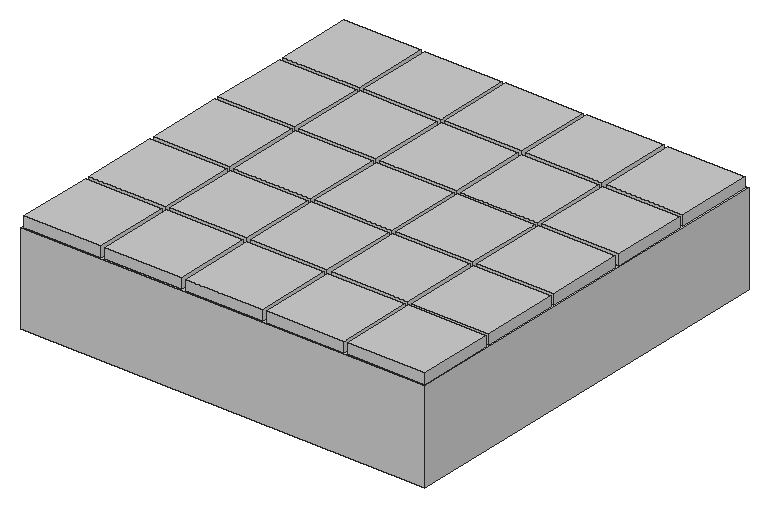
Revit family "ladrilho 25 quadros", category Generic Models, Revit 2016
Family settings
  Part Type = Normal
  Can host rebar = No
  Round Connector Dimension = Use Diameter
  Work Plane-Based = No
  Always vertical = Yes
  Cut with Voids When Loaded = No
  Shared = No
  Room Calculation Point = No
Reference planes (cm)
  plane 1 "Center (Front/Back)": y = 0
  plane 2: z = 0
  plane 3 "Center (Left/Right)": x = 0
Forms (cm)
  Extrusion 1, solid, material "Ceramica cinza"
    sketch origin (0, 0, 0) x (1, 0, 0) y (0, 1, 0)
      loop
        line (-34.0927, 37.6866) -> (-34.0927, 17.6866) -> (-14.0927, 17.6866) -> (-14.0927, 37.6866) -> (-34.0927, 37.6866)
    from 0 to 4.5
  Extrusion 2, solid, material "Ceramica cinza"
    sketch origin (0, 0, 0) x (1, 0, 0) y (0, 1, 0)
      loop
        line (-14.1927, 37.5866) -> (-17.9927, 37.5866) -> (-17.9927, 33.7866) -> (-14.1927, 33.7866) -> (-14.1927, 37.5866)
      loop
        line (-14.1927, 33.5866) -> (-17.9927, 33.5866) -> (-17.9927, 29.7866) -> (-14.1927, 29.7866) -> (-14.1927, 33.5866)
      loop
        line (-14.1927, 25.5866) -> (-17.9927, 25.5866) -> (-17.9927, 21.7866) -> (-14.1927, 21.7866) -> (-14.1927, 25.5866)
      loop
        line (-14.1927, 29.5866) -> (-17.9927, 29.5866) -> (-17.9927, 25.7866) -> (-14.1927, 25.7866) -> (-14.1927, 29.5866)
      loop
        line (-14.1927, 21.5866) -> (-17.9927, 21.5866) -> (-17.9927, 17.7866) -> (-14.1927, 17.7866) -> (-14.1927, 21.5866)
      loop
        line (-18.1927, 37.5866) -> (-21.9927, 37.5866) -> (-21.9927, 33.7866) -> (-18.1927, 33.7866) -> (-18.1927, 37.5866)
      loop
        line (-18.1927, 33.5866) -> (-21.9927, 33.5866) -> (-21.9927, 29.7866) -> (-18.1927, 29.7866) -> (-18.1927, 33.5866)
      loop
        line (-18.1927, 25.5866) -> (-21.9927, 25.5866) -> (-21.9927, 21.7866) -> (-18.1927, 21.7866) -> (-18.1927, 25.5866)
      loop
        line (-18.1927, 29.5866) -> (-21.9927, 29.5866) -> (-21.9927, 25.7866) -> (-18.1927, 25.7866) -> (-18.1927, 29.5866)
      loop
        line (-18.1927, 21.5866) -> (-21.9927, 21.5866) -> (-21.9927, 17.7866) -> (-18.1927, 17.7866) -> (-18.1927, 21.5866)
      loop
        line (-26.1927, 37.5866) -> (-29.9927, 37.5866) -> (-29.9927, 33.7866) -> (-26.1927, 33.7866) -> (-26.1927, 37.5866)
      loop
        line (-26.1927, 33.5866) -> (-29.9927, 33.5866) -> (-29.9927, 29.7866) -> (-26.1927, 29.7866) -> (-26.1927, 33.5866)
      loop
        line (-26.1927, 25.5866) -> (-29.9927, 25.5866) -> (-29.9927, 21.7866) -> (-26.1927, 21.7866) -> (-26.1927, 25.5866)
      loop
        line (-26.1927, 29.5866) -> (-29.9927, 29.5866) -> (-29.9927, 25.7866) -> (-26.1927, 25.7866) -> (-26.1927, 29.5866)
      loop
        line (-26.1927, 21.5866) -> (-29.9927, 21.5866) -> (-29.9927, 17.7866) -> (-26.1927, 17.7866) -> (-26.1927, 21.5866)
      loop
        line (-22.1927, 37.5866) -> (-25.9927, 37.5866) -> (-25.9927, 33.7866) -> (-22.1927, 33.7866) -> (-22.1927, 37.5866)
      loop
        line (-22.1927, 33.5866) -> (-25.9927, 33.5866) -> (-25.9927, 29.7866) -> (-22.1927, 29.7866) -> (-22.1927, 33.5866)
      loop
        line (-22.1927, 25.5866) -> (-25.9927, 25.5866) -> (-25.9927, 21.7866) -> (-22.1927, 21.7866) -> (-22.1927, 25.5866)
      loop
        line (-22.1927, 29.5866) -> (-25.9927, 29.5866) -> (-25.9927, 25.7866) -> (-22.1927, 25.7866) -> (-22.1927, 29.5866)
      loop
        line (-22.1927, 21.5866) -> (-25.9927, 21.5866) -> (-25.9927, 17.7866) -> (-22.1927, 17.7866) -> (-22.1927, 21.5866)
      loop
        line (-30.1927, 37.5866) -> (-33.9927, 37.5866) -> (-33.9927, 33.7866) -> (-30.1927, 33.7866) -> (-30.1927, 37.5866)
      loop
        line (-30.1927, 33.5866) -> (-33.9927, 33.5866) -> (-33.9927, 29.7866) -> (-30.1927, 29.7866) -> (-30.1927, 33.5866)
      loop
        line (-30.1927, 25.5866) -> (-33.9927, 25.5866) -> (-33.9927, 21.7866) -> (-30.1927, 21.7866) -> (-30.1927, 25.5866)
      loop
        line (-30.1927, 29.5866) -> (-33.9927, 29.5866) -> (-33.9927, 25.7866) -> (-30.1927, 25.7866) -> (-30.1927, 29.5866)
      loop
        line (-30.1927, 21.5866) -> (-33.9927, 21.5866) -> (-33.9927, 17.7866) -> (-30.1927, 17.7866) -> (-30.1927, 21.5866)
    from 5 to 4.5
Dimensions and locks (cm)
  aligned and locked: plane 2 to level
